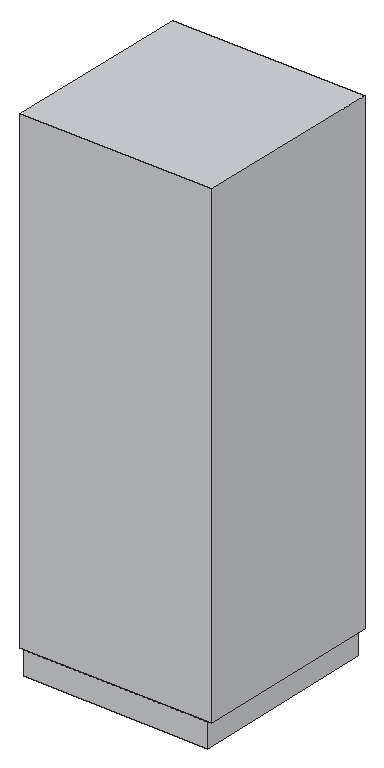
Revit family "EA_Schaltschrank_einseitig_V1700", category Elektrische Ausstattung, Revit 2017
Family settings
  Schalttafelkonfiguration = 2 Spalten, Stromkreise nach rechts
  Bemaßung runder Anschluss = Durchmesser verwenden
  Teiletyp = Verteilerkasten
  OmniClass-Nummer = 23.80.30.11.17
  OmniClass-Titel = Distribution Boards and Control Panels
  Arbeitsebenenbasiert = Nein
  Immer vertikal = Ja
  Beim Laden mit Abzugskörper schneiden = Ja
  Gemeinsam genutzt = Nein
  Raumberechnungspunkt = Nein
Parameters (values of type "NSHV")
  pbr_Material_KZ = ""
  pbr_Material = none
  pbr_E_Typ = ""
  pbr_E_KZ = ""
  pbr_DINBild = 0
  pbr_Bild = 0
  magenta schraffiert = no
  cpiFitMatchKey [instance] = "E-SS"  # constant formula
  Wirkleistung [instance] = 0 W
  built-in parameter 1140083 [instance] = "STahl"
  Türstärke = 10 mm
  Türhalbbreite [instance] = (Breite - 2 * Kante) / 2  # 385 mm
  Türbreite [instance] = if(Breite > 1199 mm, Türhalbbreite, Breite - 2 * Kante)  # 770 mm
  Typ [instance] = ""
  built-in parameter 1140086 [instance] = "-"
  Tiefe [instance] = 800 mm
  Text3 [instance] = ""
  Text2 [instance] = ""
  Text1 [instance] = ""
  built-in parameter 1140085 [instance] = "UV"
  Spannung Phase zu Phase [instance] = 400 V
  Voltage = ""
  Sockeltiefe [instance] = Tiefe - 15 mm  # 785 mm
  grün schraffiert = yes
  Sockel [instance] = 100 mm
  Scheinleistung [instance] = 0 VA
  Scheinlast [instance] = 0 VA
  Polig [instance] = 1
  Planungsbüro Rohling = "www.pbr.de"
  built-in parameter 1140082 [instance] = 100 (stored number, unit not read)
  blau schraffiert = no
  Menge(Dosenzahl) [instance] = 0
  built-in parameter 1140079 [instance] = 42
  schwarz schraffiert = no
  braun schraffiert = no
  Linie/Anschluss [instance] = ""
  Leistungsfaktor [instance] = 0
  Lastklassifizierung [instance] = none
  Kante = 15 mm
  Kabeltrassen Anschlusshöhe [instance] = 100 mm
  Kabeltrasse Anschlussbreite [instance] = 400 mm
  Installationsart [instance] = ""
  built-in parameter 1140081 [instance] = "Freistehend"
  Info [instance] = ""
  Höhe [instance] = 2000 mm
  Gewerk [instance] = "UV"
  Panel Name [instance] = "Schaltschrank"
  violett schraffiert = no
  Breite [instance] = 800 mm
  rot schraffiert = no
  Anlaufstrom [instance] = 0
Types (2, lengths in mm): name | grün schraffiert | blau schraffiert
  GSHV | no | yes
  NSHV | yes | no
Reference planes
  plane 1 "Mitte (Vorne/Hinten)": y = 0
  plane 2: z = 0
  plane 3 "Mitte (Links/Rechts)": x = 0
  plane 4: y = 800
  plane 5: x = -400
  plane 6: x = 400
  plane 7 "Niveau": z = 100
  plane 8: z = 2100
  plane 9: y = 350
  plane 10: y = 650
  plane 11: y = 400
  plane 12: y = 810
  plane 13: x = -385
  plane 14: x = 385
  plane 15: z = 2085
  plane 16: z = 115
  plane 17: y = 373.049
  plane 18: y = 1570
  plane 19: x = 375
  plane 20: x = -375
Forms (mm)
  Extrusion 1, solid
    sketch origin (-17.916, -2.559, 0) x (1, 0, 0) y (0, 1, 0)
      loop
        line (-382.084, 2.559) -> (417.916, 2.559) -> (417.916, 802.559) -> (-382.084, 802.559) -> (-382.084, 2.559)
    from 100 to 2100
  Extrusion 2, solid
    sketch origin (0, 0, 0) x (1, 0, 0) y (0, 1, 0)
      loop
        line (-385, 810) -> (-385, 800) -> (385, 800) -> (385, 810) -> (-385, 810)
    from 115 to 2085
  Extrusion 3, solid
    sketch origin (0, 0, 0) x (1, 0, 0) y (0, 1, 0)
      loop
        line (-385, 785) -> (-385, 0) -> (385, 0) -> (385, 785) -> (-385, 785)
    from 0 to 100
Dimensions and locks
  equal spacing: plane 5, plane 3 "Mitte (Links/Rechts)", plane 6
  "Tiefe": plane 4 to plane 1 "Mitte (Vorne/Hinten)"
  "Breite": plane 5 to plane 6
  "Höhe": plane 8 to plane 7 "Niveau"
  "Sockel": plane 7 "Niveau" to level
  plane 3 "Mitte (Links/Rechts)" to Extrusion 1 = 400 mm
  equal spacing: plane 4, plane 11, plane 1 "Mitte (Vorne/Hinten)"
  plane 4 to plane 10 to plane 11 to plane 9 to plane 1 "Mitte (Vorne/Hinten)" = 150 mm, 250 mm, 50 mm, 350 mm
  "Kante": plane 5 to plane 13
  "Kante": plane 14 to plane 6
  "Türstärke": plane 12 to plane 4
  "Kante": plane 7 "Niveau" to plane 16
  "Kante": plane 15 to plane 8
  "Türstärke": plane 19 to plane 14
  "Türbreite": plane 18 to plane 4
  "Türstärke": plane 13 to plane 20
  "Sockeltiefe": plane 1 "Mitte (Vorne/Hinten)" to Extrusion 3
  aligned and locked: level to plane 2
  aligned and locked: plane 6 to Extrusion 1
  aligned and locked: plane 1 "Mitte (Vorne/Hinten)" to Extrusion 1
  aligned and locked: plane 4 to Extrusion 1
  aligned and locked: Extrusion 1 to plane 5
  aligned and locked: Extrusion 1 to plane 7 "Niveau"
  aligned and locked: plane 8 to Extrusion 1
  aligned and locked: Extrusion 2 sketch curve to plane 14
  aligned and locked: Extrusion 2 sketch curve to plane 12
  aligned and locked: plane 4 to Extrusion 2 sketch curve
  aligned and locked: plane 13 to Extrusion 2 sketch curve
  aligned and locked: plane 15 to Extrusion 2
  aligned and locked: Extrusion 2 to plane 16
  aligned and locked: Extrusion 3 sketch curve to plane 13
  aligned and locked: Extrusion 3 sketch curve to plane 1 "Mitte (Vorne/Hinten)"
  aligned and locked: Extrusion 3 sketch curve to plane 14
  aligned and locked: plane 3 "Mitte (Links/Rechts)" to nested 3
  aligned and locked: plane 1 "Mitte (Vorne/Hinten)" to nested 3
  aligned and locked: plane 3 "Mitte (Links/Rechts)" to nested 2
  aligned and locked: plane 1 "Mitte (Vorne/Hinten)" to nested 2
  aligned and locked: plane 3 "Mitte (Links/Rechts)" to nested 6
  aligned and locked: plane 1 "Mitte (Vorne/Hinten)" to nested 6
  aligned and locked: plane 3 "Mitte (Links/Rechts)" to nested 5
  aligned and locked: plane 1 "Mitte (Vorne/Hinten)" to nested 5
  aligned and locked: plane 3 "Mitte (Links/Rechts)" to nested 4
  aligned and locked: plane 1 "Mitte (Vorne/Hinten)" to nested 4
  aligned and locked: plane 3 "Mitte (Links/Rechts)" to nested 1
  aligned and locked: plane 1 "Mitte (Vorne/Hinten)" to nested 1
  aligned and locked: plane 3 "Mitte (Links/Rechts)" to nested 7
  aligned and locked: plane 1 "Mitte (Vorne/Hinten)" to nested 7
Automatic sketch dimensions
  Extrusion 1 sketch curve to plane 4 = 0 mm
  Extrusion 1 sketch curve to plane 5 = 0 mm
  Extrusion 1 sketch curve to plane 6 = 0 mm
  plane 1 "Mitte (Vorne/Hinten)" to Extrusion 1 sketch curve = 0 mm
  plane 17 to Extrusion 3 sketch curve = 411.951 mm
Nested families
  nested 1: "Schaltschrank_1-Tür_rot" at (0, 0, 0), Breite Schrank <- "Breite", Tiefe Schrank <- "Tiefe", visible <- "rot schraffiert", type "Schaltschrank_1-seitig_BMA"
    with Tiefe Schrank 800 mm, Breite Schrank 800 mm
  nested 2: "Schaltschrank_1-Tür_magenta" at (0, 0, 0), Breite Schrank <- "Breite", Tiefe Schrank <- "Tiefe", visible <- "magenta schraffiert", type "Schaltschrank_1-seitig_VMT"
    with Tiefe Schrank 800 mm, Breite Schrank 800 mm
  nested 3: "Schaltschrank_2-Türen_violett" at (0, 0, 0), Breite Schrank <- "Breite", Tiefe Schrank <- "Tiefe", visible <- "violett schraffiert", type "Schaltschrank_1-seitig_EDV"
    with Tiefe Schrank 800 mm, Breite Schrank 800 mm
  nested 4: "Schaltschrank_1-Tür_braun" at (0, 0, 0), Breite Schrank <- "Breite", Tiefe Schrank <- "Tiefe", visible <- "braun schraffiert", type "Schaltschrank_1-seitig_LN"
    with Tiefe Schrank 800 mm, Breite Schrank 800 mm
  nested 5: "Schaltschrank_1-Tür_schwarz" at (0, 0, 0), Breite Schrank <- "Breite", Tiefe Schrank <- "Tiefe", visible <- "schwarz schraffiert", type "Schaltschrank_1-seitig_MSR"
    with Tiefe Schrank 800 mm, Breite Schrank 800 mm
  nested 6: "Schaltschrank_1-Tür_grün" at (0, 0, 0), Breite Schrank <- "Breite", Tiefe Schrank <- "Tiefe", visible <- "grün schraffiert", type "Schaltschrank_1-seitig_SIBEL"
    with Tiefe Schrank 800 mm, Breite Schrank 800 mm
  nested 7: "Schaltschrank_1-Tür_blau" at (0, 0, 0), Breite Schrank <- "Breite", Tiefe Schrank <- "Tiefe", visible <- "blau schraffiert", type "Schaltschrank_1-seitig_INSTA"
    with Tiefe Schrank 800 mm, Breite Schrank 800 mm
Connectors
  cabletrayconduit at (0, 392.5, 100), diameter 600, driven by "Kabeltrasse Anschlussbreite", driven by "Kabeltrassen Anschlusshöhe"
    settings: on Extrusion 3, index 1, connector width 400 mm, connector height 100 mm, connector angle 0.00°, system type 32, placement type 0, profile type 1, connector reference index -1, is primary connector yes, connector utility param no, connector description ""
  electrical at (0, 400, 2100), driven by "Spannung Phase zu Phase"
    settings: on Extrusion 1, index 2, voltage 400 V, apparent load 0 VA, apparent load phase1 0 VA, apparent load phase2 0 VA, apparent load phase3 0 VA, power factor 1, load classification "Energie", number of poles 3, system type 31, power factor state 1, is connector primary yes, connector utility yes, sub classification motor no, connector description ""
Definition of nested family "Schaltschrank_1-Tür_rot"
  Parameters (values of type "Schaltschrank_1-Tür_rot")
    Tiefe Schrank [instance] = 600 mm
    Breite Schrank [instance] = 600 mm
  Reference planes
    plane 1 "Mitte (Vorne/Hinten)": y = 0
    plane 2: z = 0
    plane 3 "Mitte (Links/Rechts)": x = 0
    plane 4: x = -300
    plane 5: x = 300
    plane 6: y = 600
  Lines and regions (mm)
    Filled region 1, type "Beton", in view "Referenzebene"
      outline origin (0, 0, 0) x (1, 0, 0) y (0, 1, 0)
        loop
          line (-300, 0) -> (300, 0) -> (300, 600) -> (-300, 0)
    detail lines, in view "Referenzebene"
      curve 1: line (-300, 600, 0) -> (300, 600, 0)
      curve 2: line (-300, 0, 0) -> (-300, 600, 0)
      curve 3: line (300, 0, 0) -> (-300, 0, 0)
      curve 4: line (300, 600, 0) -> (300, 0, 0)
      curve 5: line (300, 1200, 0) -> (300, 600, 0)
      curve 6: arc (-300, 600, 0) -> (-124.264, 1024.264, 0) -> (300, 1200, 0) r 600
  Dimensions and locks
    "Tiefe Schrank": plane 6 to plane 1 "Mitte (Vorne/Hinten)"
    equal spacing: plane 4, plane 3 "Mitte (Links/Rechts)", plane 5
    "Breite Schrank": plane 4 to plane 5
    aligned and locked: curve 3 to plane 1 "Mitte (Vorne/Hinten)"
    aligned and locked: plane 4 to curve 2
    aligned and locked: curve 4 to plane 5
    aligned and locked: curve 1 to plane 6
    aligned and locked: curve 3 to Filled region 1 sketch curve
    aligned and locked: curve 1 to Filled region 1 sketch curve
    aligned and locked: Filled region 1 sketch curve to curve 4
    aligned and locked: Filled region 1 sketch curve to curve 3
  Automatic sketch dimensions
    Filled region 1 sketch curve to plane 4 = 0 mm
    plane 1 "Mitte (Vorne/Hinten)" to curve 3 = 0 mm
Definition of nested family "Schaltschrank_1-Tür_magenta"
  Parameters (values of type "Schaltschrank_1-Tür_magenta")
    Tiefe Schrank [instance] = 600 mm
    Breite Schrank [instance] = 600 mm
  Reference planes
    plane 1 "Mitte (Vorne/Hinten)": y = 0
    plane 2: z = 0
    plane 3 "Mitte (Links/Rechts)": x = 0
    plane 4: x = -300
    plane 5: x = 300
    plane 6: y = 600
  Lines and regions (mm)
    Filled region 1, type "Beton", in view "Referenzebene"
      outline origin (0, 0, 0) x (1, 0, 0) y (0, 1, 0)
        loop
          line (-300, 0) -> (300, 0) -> (300, 600) -> (-300, 0)
    detail lines, in view "Referenzebene"
      curve 1: line (-300, 600, 0) -> (300, 600, 0)
      curve 2: line (-300, 0, 0) -> (-300, 600, 0)
      curve 3: line (300, 0, 0) -> (-300, 0, 0)
      curve 4: line (300, 600, 0) -> (300, 0, 0)
      curve 5: line (300, 1200, 0) -> (300, 600, 0)
      curve 6: arc (-300, 600, 0) -> (-124.264, 1024.264, 0) -> (300, 1200, 0) r 600
  Dimensions and locks
    "Tiefe Schrank": plane 6 to plane 1 "Mitte (Vorne/Hinten)"
    equal spacing: plane 4, plane 3 "Mitte (Links/Rechts)", plane 5
    "Breite Schrank": plane 4 to plane 5
    aligned and locked: curve 3 to plane 1 "Mitte (Vorne/Hinten)"
    aligned and locked: plane 4 to curve 2
    aligned and locked: curve 4 to plane 5
    aligned and locked: curve 1 to plane 6
    aligned and locked: curve 3 to Filled region 1 sketch curve
    aligned and locked: curve 1 to Filled region 1 sketch curve
    aligned and locked: Filled region 1 sketch curve to curve 4
    aligned and locked: Filled region 1 sketch curve to curve 3
  Automatic sketch dimensions
    Filled region 1 sketch curve to plane 4 = 0 mm
    plane 1 "Mitte (Vorne/Hinten)" to curve 3 = 0 mm
Definition of nested family "Schaltschrank_2-Türen_violett"
  Parameters (values of type "Schaltschrank_2-Türen_violett")
    Tiefe Schrank [instance] = 600 mm
    Breite Schrank [instance] = 600 mm
  Reference planes
    plane 1 "Mitte (Vorne/Hinten)": y = 0
    plane 2: z = 0
    plane 3 "Mitte (Links/Rechts)": x = 0
    plane 4: x = -300
    plane 5: x = 300
    plane 6: y = 600
  Lines and regions (mm)
    Filled region 1, type "Beton", in view "Referenzebene"
      outline origin (0, 0, 0) x (1, 0, 0) y (0, 1, 0)
        loop
          line (-300, 0) -> (300, 0) -> (300, 600) -> (-300, 0)
    detail lines, in view "Referenzebene"
      curve 1: line (-300, 600, 0) -> (300, 600, 0)
      curve 2: line (-300, 0, 0) -> (-300, 600, 0)
      curve 3: line (300, 0, 0) -> (-300, 0, 0)
      curve 4: line (300, 600, 0) -> (300, 0, 0)
      curve 5: arc (-300, 600, 0) -> (-724.264, 424.264, 0) -> (-900, 0, 0) r 600
      curve 6: arc (300, 600, 0) -> (724.264, 424.264, 0) -> (900, 0, 0) r 600
      curve 7: line (-900, 0, 0) -> (-300, 0, 0)
      curve 8: line (300, 0, 0) -> (900, 0, 0)
  Dimensions and locks
    "Tiefe Schrank": plane 6 to plane 1 "Mitte (Vorne/Hinten)"
    equal spacing: plane 4, plane 3 "Mitte (Links/Rechts)", plane 5
    "Breite Schrank": plane 4 to plane 5
    aligned and locked: curve 3 to plane 1 "Mitte (Vorne/Hinten)"
    aligned and locked: plane 4 to curve 2
    aligned and locked: curve 4 to plane 5
    aligned and locked: curve 1 to plane 6
    aligned and locked: curve 3 to Filled region 1 sketch curve
    aligned and locked: curve 1 to Filled region 1 sketch curve
    aligned and locked: Filled region 1 sketch curve to curve 4
    aligned and locked: Filled region 1 sketch curve to curve 3
  Automatic sketch dimensions
    Filled region 1 sketch curve to plane 4 = 0 mm
    plane 1 "Mitte (Vorne/Hinten)" to curve 8 = 0 mm
Definition of nested family "Schaltschrank_1-Tür_braun"
  Parameters (values of type "Schaltschrank_1-Tür_braun")
    Tiefe Schrank [instance] = 600 mm
    Breite Schrank [instance] = 600 mm
  Reference planes
    plane 1 "Mitte (Vorne/Hinten)": y = 0
    plane 2: z = 0
    plane 3 "Mitte (Links/Rechts)": x = 0
    plane 4: x = -300
    plane 5: x = 300
    plane 6: y = 600
  Lines and regions (mm)
    Filled region 1, type "Beton", in view "Referenzebene"
      outline origin (0, 0, 0) x (1, 0, 0) y (0, 1, 0)
        loop
          line (-300, 0) -> (300, 0) -> (300, 600) -> (-300, 0)
    detail lines, in view "Referenzebene"
      curve 1: line (-300, 600, 0) -> (300, 600, 0)
      curve 2: line (-300, 0, 0) -> (-300, 600, 0)
      curve 3: line (300, 0, 0) -> (-300, 0, 0)
      curve 4: line (300, 600, 0) -> (300, 0, 0)
      curve 5: line (300, 1200, 0) -> (300, 600, 0)
      curve 6: arc (-300, 600, 0) -> (-124.264, 1024.264, 0) -> (300, 1200, 0) r 600
  Dimensions and locks
    "Tiefe Schrank": plane 6 to plane 1 "Mitte (Vorne/Hinten)"
    equal spacing: plane 4, plane 3 "Mitte (Links/Rechts)", plane 5
    "Breite Schrank": plane 4 to plane 5
    aligned and locked: curve 3 to plane 1 "Mitte (Vorne/Hinten)"
    aligned and locked: plane 4 to curve 2
    aligned and locked: curve 4 to plane 5
    aligned and locked: curve 1 to plane 6
    aligned and locked: curve 3 to Filled region 1 sketch curve
    aligned and locked: curve 1 to Filled region 1 sketch curve
    aligned and locked: Filled region 1 sketch curve to curve 4
    aligned and locked: Filled region 1 sketch curve to curve 3
  Automatic sketch dimensions
    Filled region 1 sketch curve to plane 4 = 0 mm
    plane 1 "Mitte (Vorne/Hinten)" to curve 3 = 0 mm
Definition of nested family "Schaltschrank_1-Tür_schwarz"
  Parameters (values of type "Schaltschrank_1-Tür_schwarz")
    Tiefe Schrank [instance] = 600 mm
    Breite Schrank [instance] = 600 mm
  Reference planes
    plane 1 "Mitte (Vorne/Hinten)": y = 0
    plane 2: z = 0
    plane 3 "Mitte (Links/Rechts)": x = 0
    plane 4: x = -300
    plane 5: x = 300
    plane 6: y = 600
  Lines and regions (mm)
    Filled region 1, type "Beton", in view "Referenzebene"
      outline origin (0, 0, 0) x (1, 0, 0) y (0, 1, 0)
        loop
          line (-300, 0) -> (300, 0) -> (300, 600) -> (-300, 0)
    detail lines, in view "Referenzebene"
      curve 1: line (-300, 600, 0) -> (300, 600, 0)
      curve 2: line (-300, 0, 0) -> (-300, 600, 0)
      curve 3: line (300, 0, 0) -> (-300, 0, 0)
      curve 4: line (300, 600, 0) -> (300, 0, 0)
      curve 5: line (300, 1200, 0) -> (300, 600, 0)
      curve 6: arc (-300, 600, 0) -> (-124.264, 1024.264, 0) -> (300, 1200, 0) r 600
  Dimensions and locks
    "Tiefe Schrank": plane 6 to plane 1 "Mitte (Vorne/Hinten)"
    equal spacing: plane 4, plane 3 "Mitte (Links/Rechts)", plane 5
    "Breite Schrank": plane 4 to plane 5
    aligned and locked: curve 3 to plane 1 "Mitte (Vorne/Hinten)"
    aligned and locked: plane 4 to curve 2
    aligned and locked: curve 4 to plane 5
    aligned and locked: curve 1 to plane 6
    aligned and locked: curve 3 to Filled region 1 sketch curve
    aligned and locked: curve 1 to Filled region 1 sketch curve
    aligned and locked: Filled region 1 sketch curve to curve 4
    aligned and locked: Filled region 1 sketch curve to curve 3
  Automatic sketch dimensions
    Filled region 1 sketch curve to plane 4 = 0 mm
    plane 1 "Mitte (Vorne/Hinten)" to curve 3 = 0 mm
Definition of nested family "Schaltschrank_1-Tür_grün"
  Parameters (values of type "Schaltschrank_1-Tür_grün")
    Tiefe Schrank [instance] = 600 mm
    Breite Schrank [instance] = 600 mm
  Reference planes
    plane 1 "Mitte (Vorne/Hinten)": y = 0
    plane 2: z = 0
    plane 3 "Mitte (Links/Rechts)": x = 0
    plane 4: x = -300
    plane 5: x = 300
    plane 6: y = 600
  Lines and regions (mm)
    Filled region 1, type "Beton", in view "Referenzebene"
      outline origin (0, 0, 0) x (1, 0, 0) y (0, 1, 0)
        loop
          line (-300, 600) -> (-300, 0) -> (300, 0) -> (-300, 600)
    detail lines, in view "Referenzebene"
      curve 1: line (-300, 600, 0) -> (300, 600, 0)
      curve 2: line (-300, 0, 0) -> (-300, 600, 0)
      curve 3: line (300, 0, 0) -> (-300, 0, 0)
      curve 4: line (300, 600, 0) -> (300, 0, 0)
      curve 5: arc (300, 600, 0) -> (724.264, 424.264, 0) -> (900, 0, 0) r 600
      curve 6: line (300, 0, 0) -> (900, 0, 0)
  Dimensions and locks
    "Tiefe Schrank": plane 6 to plane 1 "Mitte (Vorne/Hinten)"
    equal spacing: plane 4, plane 3 "Mitte (Links/Rechts)", plane 5
    "Breite Schrank": plane 4 to plane 5
    aligned and locked: curve 3 to plane 1 "Mitte (Vorne/Hinten)"
    aligned and locked: plane 4 to curve 2
    aligned and locked: curve 4 to plane 5
    aligned and locked: curve 1 to plane 6
    aligned and locked: Filled region 1 sketch curve to plane 4
    aligned and locked: plane 1 "Mitte (Vorne/Hinten)" to Filled region 1 sketch curve
  Automatic sketch dimensions
    plane 1 "Mitte (Vorne/Hinten)" to curve 6 = 0 mm
    Filled region 1 sketch curve to plane 5 = 0 mm
    Filled region 1 sketch curve to plane 6 = 0 mm
Definition of nested family "Schaltschrank_1-Tür_blau"
  Parameters (values of type "Schaltschrank_1-Tür_blau")
    Tiefe Schrank [instance] = 600 mm
    Breite Schrank [instance] = 600 mm
  Reference planes
    plane 1 "Mitte (Vorne/Hinten)": y = 0
    plane 2: z = 0
    plane 3 "Mitte (Links/Rechts)": x = 0
    plane 4: x = -300
    plane 5: x = 300
    plane 6: y = 600
  Lines and regions (mm)
    Filled region 1, type "Beton", in view "Referenzebene"
      outline origin (0, 0, 0) x (1, 0, 0) y (0, 1, 0)
        loop
          line (-300, 0) -> (300, 0) -> (300, 600) -> (-300, 0)
    detail lines, in view "Referenzebene"
      curve 1: line (-300, 600, 0) -> (300, 600, 0)
      curve 2: line (-300, 0, 0) -> (-300, 600, 0)
      curve 3: line (300, 0, 0) -> (-300, 0, 0)
      curve 4: line (300, 600, 0) -> (300, 0, 0)
      curve 5: line (300, 1200, 0) -> (300, 600, 0)
      curve 6: arc (-300, 600, 0) -> (-124.264, 1024.264, 0) -> (300, 1200, 0) r 600
  Dimensions and locks
    "Tiefe Schrank": plane 6 to plane 1 "Mitte (Vorne/Hinten)"
    equal spacing: plane 4, plane 3 "Mitte (Links/Rechts)", plane 5
    "Breite Schrank": plane 4 to plane 5
    aligned and locked: curve 3 to plane 1 "Mitte (Vorne/Hinten)"
    aligned and locked: plane 4 to curve 2
    aligned and locked: curve 4 to plane 5
    aligned and locked: curve 1 to plane 6
    aligned and locked: curve 3 to Filled region 1 sketch curve
    aligned and locked: curve 1 to Filled region 1 sketch curve
    aligned and locked: Filled region 1 sketch curve to curve 4
    aligned and locked: Filled region 1 sketch curve to curve 3
  Automatic sketch dimensions
    Filled region 1 sketch curve to plane 4 = 0 mm
    plane 1 "Mitte (Vorne/Hinten)" to curve 3 = 0 mm
